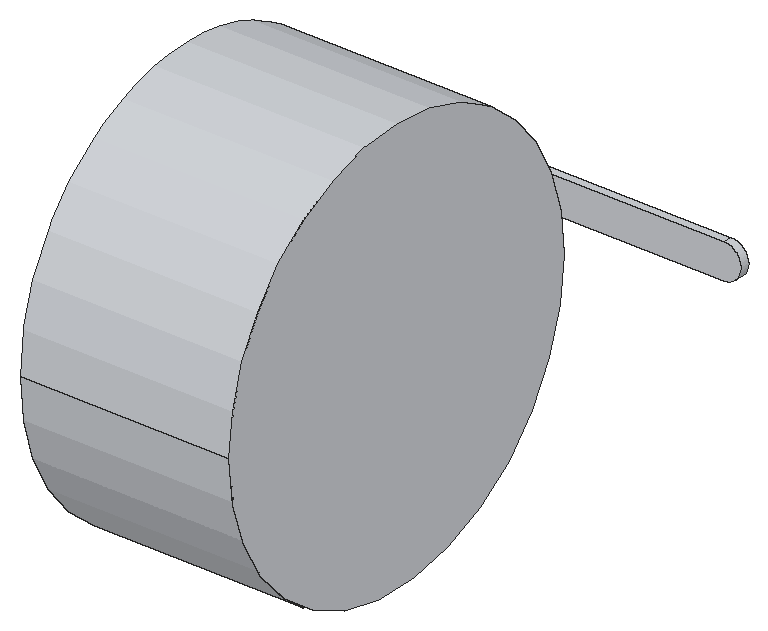
Revit family "Damper Parallel - Round", category Duct Accessories, Revit 2017
Family settings
  Round Connector Dimension = Use Radius
  Part Type = Damper
  OmniClass Number = 23.75.70.11.14.14
  OmniClass Title = Dampers for Air Ductwork
  Work Plane-Based = No
  Always vertical = Yes
  Cut with Voids When Loaded = No
  Shared = No
Parameters (values of type "Design to Fab")
  Symbol Width [instance] = Duct Diameter + 0' 4"  # 1' - 4"
  Symbol Length = Damper Length / 2 + 0' 3 1/2"  # 0' - 6 1/2"
  Pressure Drop [instance] = 1.00 in-wg
  Half Damper Length = Damper Length / 2  # 0' - 3"
  Duct Radius [instance] = 6"
  Duct Diameter [instance] = Duct Radius * 2  # 12"
  Damper Material = none
  Damper Length = 0' - 6"
Reference planes (in)
  plane 1 "Center (Front/Back)": y = 0
  plane 2: z = 0
  plane 3 "Center (Left/Right)": x = 0
  plane 4: y = -6
  plane 5: y = 6
  plane 6: y = 8
  plane 7: y = 8.25
  plane 8: x = -3
  plane 9: x = 3
  plane 10: x = 6
  plane 11: z = 0.5
  plane 12: z = -0.5
  plane 13: x = 6.5
Forms (in)
  Extrusion 1, solid, material <- "Damper Material", detail levels fine
    sketch origin (0, 0, 0) x (0, 1, 0) y (0, 0, 1)
      loop
        circle (0, 0) r 6
    from -3 to 3
  Extrusion 2, solid, material <- "Damper Material", detail levels fine
    sketch origin (0, 0, 0) x (1, 0, 0) y (0, 0, 1)
      loop
        circle (0, 0) r 0.25
    from -8 to 0
  Sweep 3, solid, material <- "Damper Material", detail levels fine
    path origin (0, 0, 0) x (1, 0, 0) y (0, 1, 0)
      loop
        line (0, 8.25) -> (0, 8)
    profile origin (0, 8.125, 0) x (1, 0, 0) y (0, 0, 1)
      loop
        arc (0, 0.5) -> (-0.5, 0) -> (0, -0.5) r 0.5
        line (0, -0.5) -> (6, -0.5)
        arc (6, -0.5) -> (6.5, 0) -> (6, 0.5) r 0.5
        line (6, 0.5) -> (0, 0.5)
  Extrusion 4, solid, material <- "Damper Material", detail levels coarse+medium
    sketch origin (0, 0, 0) x (0, 1, 0) y (0, 0, 1)
      loop
        circle (0, 0) r 6
    from -3 to 3
Cuts and joins
  joined: Extrusion 1, Extrusion 2, Sweep 3
Dimensions and locks (in)
  equal spacing: plane 5, plane 1 "Center (Front/Back)", plane 4
  "Duct Radius": plane 1 "Center (Front/Back)" to plane 4
  locked: plane 5 to plane 6 at 2
  locked: plane 7 to plane 6 at 0.25
  equal spacing: plane 8, plane 3 "Center (Left/Right)", plane 9
  "Damper Length": plane 8 to plane 9
  locked: plane 10 to plane 3 "Center (Left/Right)" at 6
  plane 11 to plane 2 = 0' - 0 1/2"
  equal spacing: plane 11, plane 2, plane 12
  locked: plane 13 to plane 10 at 0.5
  "Duct Radius": radius of Extrusion 1 sketch curve
  radius of Extrusion 2 sketch curve = 0' - 0 1/4"
  radius of Sweep 3 sketch curve = 0' - 0 1/2"  (x2)
  "Duct Radius": radius of Extrusion 4 sketch curve
  aligned and locked: plane 2 to Extrusion 1 sketch curve
  aligned and locked: plane 1 "Center (Front/Back)" to Extrusion 1 sketch curve
  aligned and locked: Extrusion 1 to plane 8
  aligned and locked: Extrusion 1 to plane 9
  aligned and locked: plane 2 to Extrusion 2 sketch curve
  aligned and locked: plane 3 "Center (Left/Right)" to Extrusion 2 sketch curve
  aligned and locked: plane 6 to Extrusion 2
  aligned and locked: plane 1 "Center (Front/Back)" to Extrusion 2
  aligned and locked: Sweep 3 sketch curve to plane 3 "Center (Left/Right)"
  aligned and locked: plane 7 to Sweep 3 sketch curve
  aligned and locked: plane 6 to Sweep 3 sketch curve
  aligned and locked: Sweep 3 sketch curve to plane 11
  aligned and locked: plane 3 "Center (Left/Right)" to Sweep 3 sketch curve  (x3)
  aligned and locked: plane 2 to Sweep 3 sketch curve
  aligned and locked: plane 10 to Sweep 3 sketch curve  (x3)
  aligned and locked: plane 2 to Extrusion 4 sketch curve
  aligned and locked: plane 1 "Center (Front/Back)" to Extrusion 4 sketch curve
  aligned and locked: Extrusion 4 to plane 8
  aligned and locked: Extrusion 4 to plane 9
Nested families (in)
  nested 1: "Balancing Damper Symbol" at (0, 0, 0) x (-1, 0, 0) z (0, 0, 1), type "Balancing Damper Symbol", detail levels coarse+medium
Connectors (in)
  hvac at (-3, 0, 0), driven by "Duct Radius", driven by "Pressure Drop"
    settings: on cut or joined group of Extrusion 1, Extrusion 2, Sweep 3, index 1, duct flow 0 CFM, flow factor 0, pres drop 1.00 in-wg, loss coef 0, conn angle 0.00°, conn width 12", conn height 12", conn diameter 12", duct sys type 29, conn prof type 0, flow config 0, flow direction 0, loss method 4, conn ref index 2, conn util no, is conn primary yes, conn desc ""
  hvac at (3, 0, 0), driven by "Duct Radius"
    settings: on cut or joined group of Extrusion 1, Extrusion 2, Sweep 3, index 2, duct flow 0 CFM, flow factor 0, pres drop 0.00 in-wg, loss coef 0, conn angle 0.00°, conn width 12", conn height 12", conn diameter 12", duct sys type 29, conn prof type 0, flow config 0, flow direction 0, loss method 4, conn ref index 1, conn util no, is conn primary no, conn desc ""
Definition of nested family "Balancing Damper Symbol"
  Parameters
    Width 2 = 0' - 4"
    Width 1 = 0' - 6"
    Length 2 = 0' - 1"
    Length 1 = 0' - 2"
  Reference planes (in)
    plane 1 "Center (Front/Back)": y = 0
    plane 2: z = 0
    plane 3 "Center (Left/Right)": x = 0
  Lines and regions (in)
    detail lines, in view "Ref. Level"
      curve 1: line (0, 3, 0) -> (0, -3, 0)
      curve 2: line (0, 3, 0) -> (-2, 3, 0)
      curve 3: line (-1, 2, 0) -> (-1, -2, 0)
      curve 4: line (1, 2, 0) -> (1, -2, 0)
  Dimensions and locks (in)
    equal spacing: curve 1, plane 1 "Center (Front/Back)", curve 1
    "Width 1": curve 1 to curve 1
    "Length 1": curve 2 to curve 2
    equal spacing: curve 3, plane 1 "Center (Front/Back)", curve 3
    equal spacing: curve 4, plane 1 "Center (Front/Back)", curve 4
    "Width 2": curve 3 to curve 3
    "Width 2": curve 4 to curve 4
    "Length 2": curve 3 to plane 3 "Center (Left/Right)"
    "Length 2": plane 3 "Center (Left/Right)" to curve 4
    aligned and locked: plane 3 "Center (Left/Right)" to curve 2
